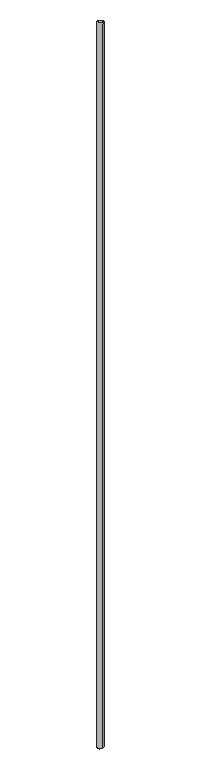
Revit family "TIE ROD 15-2_0230200", category Generic Models, Revit 2018
Family settings
  Can host rebar = No
  Round Connector Dimension = Use Diameter
  Part Type = Normal
  OmniClass Number = 35.51.14.00
  OmniClass Title = FORMWORK
  Work Plane-Based = Yes
  Always vertical = No
  Cut with Voids When Loaded = No
  Shared = Yes
  Room Calculation Point = No
Parameters
  VERSION = "20190101"  # constant formula
  URL = "www.ulmaconstruction.com/en"
  UNICLASS = ""
  ITEM_CODE = "0230200"
  Manufacturer = "ULMA CONSTRUCTION"  # constant formula
  FILTER [instance] = ""
  Default Elevation = 0 mm
  CLASSIFICATION TITLE = ""
  CLASSIFICATION NUMBER = ""
Reference planes
  plane 1 "Centro (Frontal/Posterior)": y = 0
  plane 2: z = 0
  plane 3 "Centro (Izquierda/Derecha)": x = 0
  plane 4 "ITEM_LENGTH": z = 2000
  plane 5 "MIDDLE": z = 1000
Forms (mm)
  Extrusion 1, solid, material "ULMA ZINC", detail levels medium+fine
    sketch origin (0, 0, 0) x (1, 0, 0) y (0, 1, 0)
      loop
        circle (0, 0) r 7.5
    from 0 to 2000
Lines and regions (mm)
  model lines, style "ULMA TIE ROD", detail levels coarse
    curve 1: line (0, 0, 0) -> (0, 0, 2000)
Dimensions and locks
  locked: plane 4 "ITEM_LENGTH" to plane 2 at 2000
  equal spacing: plane 4 "ITEM_LENGTH", plane 5 "MIDDLE", plane 2
  aligned and locked: level to plane 2
  aligned and locked: plane 4 "ITEM_LENGTH" to curve 1
  aligned and locked: plane 2 to curve 1
  aligned and locked: plane 4 "ITEM_LENGTH" to Extrusion 1
Automatic sketch dimensions
  plane 1 "Centro (Frontal/Posterior)" to Extrusion 1 sketch curve = 0 mm
  Extrusion 1 sketch curve to plane 3 "Centro (Izquierda/Derecha)" = 0 mm
  curve 1 to plane 3 "Centro (Izquierda/Derecha)" = 0 mm
  radius of Extrusion 1 sketch curve = 7.5 mm
